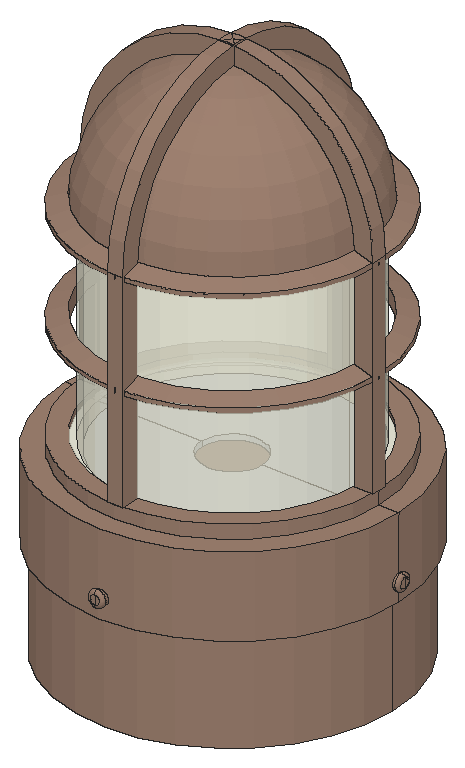
Revit family "PR5", category Generic Models, Revit 2024
Family settings
  Can host rebar = No
  Round Connector Dimension = Use Diameter
  Part Type = Normal
  Work Plane-Based = No
  Always vertical = Yes
  Cut with Voids When Loaded = No
  Maintain Annotation Orientation = No
  Shared = No
  Room Calculation Point = No
Parameters
  Default Elevation = 0' - 0"
Reference planes (in)
  plane 1 "Center (Front/Back)": y = 0
  plane 2: z = 0
  plane 3 "Center (Left/Right)": x = 0
Forms (in)
  Revolve 1, solid
    sketch origin (0, 0, 0) x (1, 0, 0) y (0, 0, 1)
      loop
        line (-3, 3.28125) -> (-3, 0) -> (-0.25, 0) -> (-0.25, 0.09375) -> (-2.90625, 0.09375) -> (-2.90625, 3.1875) -> (-0.568, 3.1875) -> (-0.568, 3.28125) -> (-3, 3.28125)
      axis (0, 3.28125) -> (0, 0)
    angle from 0 to 360
  Revolve 2, solid
    sketch origin (0, 0, 0) x (1, 0, 0) y (0, 0, 1)
      loop
        line (-3.125, 1.875) -> (-3.03125, 1.875) -> (-3.03125, 3.28125) -> (-2.65625, 3.28125) -> (-2.65625, 3.53125) -> (-2.41108, 3.53125) -> (-2.41108, 3.625) -> (-2.75, 3.625) -> (-2.75, 3.375) -> (-3.125, 3.375) -> (-3.125, 1.875)
      axis (0, 3.625) -> (0, 1.875)
    angle from 0 to 360
  Revolve 3, solid
    sketch origin (0, 0, 0) x (1, 0, 0) y (0, 0, 1)
      loop
        line (-3.22718, 2.22976) -> (-2.90568, 2.22976) -> (-2.90568, 2.37976) -> (-3.16759, 2.37976)
        arc (-3.16759, 2.37976) -> (-3.20973, 2.36231) -> (-3.22718, 2.32017) r 0.0596
        line (-3.22718, 2.32017) -> (-3.22718, 2.22976)
      axis (-2.90568, 2.22976) -> (-3.22718, 2.22976)
    angle from 0 to 360
  Revolve 4, solid
    sketch origin (0, 0, 0) x (0, -1, 0) y (0, 0, 1)
      loop
        line (-3.22718, 2.22976) -> (-2.90568, 2.22976) -> (-2.90568, 2.37976) -> (-3.16759, 2.37976)
        arc (-3.16759, 2.37976) -> (-3.20973, 2.36231) -> (-3.22718, 2.32017) r 0.0596
        line (-3.22718, 2.32017) -> (-3.22718, 2.22976)
      axis (-2.90568, 2.22976) -> (-3.22718, 2.22976)
    angle from 0 to 360
  Revolve 5, solid
    sketch origin (0, 0, 0) x (0, 1, 0) y (0, 0, 1)
      loop
        line (-3.22718, 2.22976) -> (-2.90568, 2.22976) -> (-2.90568, 2.37976) -> (-3.16759, 2.37976)
        arc (-3.16759, 2.37976) -> (-3.20973, 2.36231) -> (-3.22718, 2.32017) r 0.0596
        line (-3.22718, 2.32017) -> (-3.22718, 2.22976)
      axis (-2.90568, 2.22976) -> (-3.22718, 2.22976)
    angle from 0 to 360
  Revolve 6, solid
    sketch origin (0, 0, 0) x (-1, 0, 0) y (0, 0, 1)
      loop
        line (-3.22718, 2.22976) -> (-2.90568, 2.22976) -> (-2.90568, 2.37976) -> (-3.16759, 2.37976)
        arc (-3.16759, 2.37976) -> (-3.20973, 2.36231) -> (-3.22718, 2.32017) r 0.0596
        line (-3.22718, 2.32017) -> (-3.22718, 2.22976)
      axis (-2.90568, 2.22976) -> (-3.22718, 2.22976)
    angle from 0 to 360
  Extrusion 7, solid, material "62"
    sketch origin (0, 0, 0) x (1, 0, 0) y (0, 0, 1)
      loop
        line (-2.75, 3.625) -> (-2.412, 3.625) -> (-2.412, 7.5084)
        arc (-2.412, 7.5084) -> (-1.76179, 9.14738) -> (-0.17007, 9.906) r 2.41201
        arc (-0.17007, 9.906) -> (1.64124, 9.26751) -> (2.412, 7.5084) r 2.41201
        line (2.412, 7.5084) -> (2.412, 3.625) -> (2.75, 3.625) -> (2.75, 7.491)
        arc (2.75, 7.491) -> (0, 10.25) -> (-2.75, 7.491) r 2.75001
        line (-2.75, 7.491) -> (-2.75, 3.625)
    from -0.142 to 0.142
  Extrusion 8, solid, material "62"
    sketch origin (0, 0, 0) x (0, 1, 0) y (0, 0, 1)
      loop
        line (-2.75, 3.625) -> (-2.412, 3.625) -> (-2.412, 7.5084)
        arc (-2.412, 7.5084) -> (-1.76179, 9.14738) -> (-0.17007, 9.906) r 2.41201
        arc (-0.17007, 9.906) -> (1.64124, 9.26751) -> (2.412, 7.5084) r 2.41201
        line (2.412, 7.5084) -> (2.412, 3.625) -> (2.75, 3.625) -> (2.75, 7.491)
        arc (2.75, 7.491) -> (0, 10.25) -> (-2.75, 7.491) r 2.75001
        line (-2.75, 7.491) -> (-2.75, 3.625)
    from -0.142 to 0.142
  Revolve 9, solid, material "VAPOR GLASS"
    sketch origin (0, 0, 0) x (1, 0, 0) y (0, 0, 1)
      loop
        line (-2.287, 7.16479) -> (-2.287, 3.50704) -> (-2.61952, 3.50704) -> (-2.61952, 3.375) -> (-2.19325, 3.375) -> (-2.19325, 7.16462)
        arc (-2.19325, 7.16462) -> (-1.54803, 8.7103) -> (0, 9.34986) r 2.19326
        line (0, 9.34986) -> (0, 9.44361)
        arc (0, 9.44361) -> (-1.61426, 8.77666) -> (-2.287, 7.16479) r 2.28701
      axis (0, 9.44361) -> (0, 3.375)
    angle from 0 to 360
  Revolve 10, solid, material "62"
    sketch origin (0, 0, 0) x (1, 0, 0) y (0, 0, 1)
      loop
        line (-2.40901, 7.5939) -> (-2.75, 7.491) -> (-2.75, 7.411) -> (-2.412, 7.309) -> (-2.412, 7.5084) -> (-2.40901, 7.5939)
      loop
        line (-2.75, 5.582) -> (-2.75, 5.502) -> (-2.412, 5.4) -> (-2.412, 5.684) -> (-2.75, 5.582)
      axis (0, 7.5939) -> (0, 5.4)
    angle from 0 to 360
  Revolve 11, solid, material "62"
    sketch origin (0, 0, 0) x (1, 0, 0) y (0, 0, 1)
      loop
        line (-2.412, 7.50807) -> (-2.31825, 7.50807)
        arc (-2.31825, 7.50807) -> (-1.6364, 9.1421) -> (0, 9.81825) r 2.31826
        line (0, 9.81825) -> (0, 9.912)
        arc (0, 9.912) -> (-1.70269, 9.20839) -> (-2.412, 7.50807) r 2.41201
      axis (0, 9.912) -> (0, 7.50807)
    angle from 0 to 360
Dimensions and locks (in)
  aligned and locked: plane 2 to level
